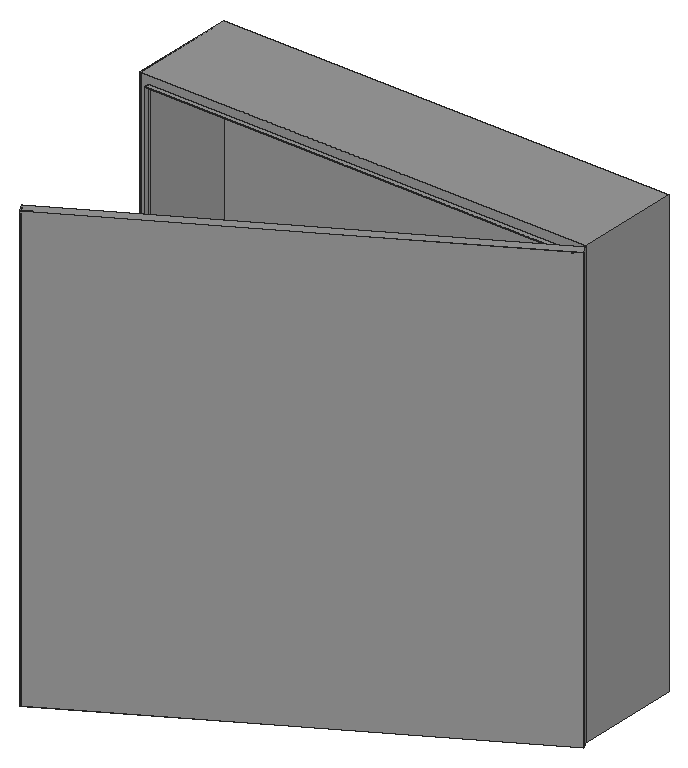
Revit family "Hager-Univers-IP44-D205-H800-Cl.II-Encl-NoHosted-BE-fr", category Electrical Equipment, Revit 2020
Family settings
  Panel Configuration = Two Columns, Circuits Across
  Round Connector Dimension = Use Diameter
  Part Type = Panelboard
  Work Plane-Based = Yes
  Always vertical = Yes
  Cut with Voids When Loaded = No
  Shared = No
  Room Calculation Point = No
Parameters (values of type "saillie IP44 L800 H800 P205  - FP53QS")
  Width Control [instance] = if([EF000008 - largeur] > Min Width, [EF000008 - largeur], Min Width)  # 800 mm
  Type Comments = [HG000003 - Gamme]  # "Univers"
  Thickness Door [instance] = if([EF009171 - épaisseur de matériau de la porte/du couvercle] > 3 mm, 3 mm, [EF009171 - épaisseur de matériau de la porte/du couvercle])  # 1 mm
  Seal Frame Offset [instance] = 17 mm  # constant formula
  Plinth Visibility [instance] = [HG000027 - Hauteur du socle] > 0 mm  # no
  Min Width [instance] = 100 mm  # constant formula
  Min Depth [instance] = (2 * [EF009170 - épaisseur de matériau du boîtier]) + 1 mm  # 3 mm
  Min Height [instance] = 100 mm  # constant formula
  Internal Frame Depth [instance] = (Door System Depth * 0.5)  # 9 mm
  Panel Name [instance] = ""  # (empty or 0)
  Model = ""
  HG000027 - Hauteur du socle = 0 mm
  HG000026 - Installation au sol = no
  HG000024 - Hauteur de la section basse = 600 mm
  HG000023 - Armoire double section = no
  HG000016 - Visibilité de la porte 3D [instance] = yes
  HG000015 - Visibilité de l'emprise de la porte [instance] = no
  HG000014 - Porte à droite [instance] = yes
  HG000013 - Porte à gauche [instance] = not([HG000014 - Porte à droite])  # no
  HG000012 - Angle de pivotement de la porte [instance] = 30.00°
  HG000010 - Portes asymétriques = no
  HG000009 - Porte à double battant = no
  HG000006 - Encastré = no
  HG000004 - Référence fabricant = "FP53QS"
  HG000003 - Gamme = "Univers"
  HG000002 - avec porte = yes
  Frame Offset Bottom [instance] = 10 mm  # constant formula
  Frame Offset [instance] = 15 mm  # constant formula
  EF015940 - couvercle avec décharge de pression = no
  EF011959 - degré de protection (NEMA) = ""
  EF009554 - nombre d'ouvertures pour plaques à bride = 6
  EF009212 - finition du couvercle = "EV000116 - fermé"
  EF009171 - épaisseur de matériau de la porte/du couvercle = 1 mm
  EF009170 - épaisseur de matériau du boîtier = 1 mm
  EF008873 - courant nominal (In) = 250 A
  EF007800 - adapté à un parafoudre = no
  EF006306 - avec serrure = no
  EF006244 - couvercle/porte transparent(e) = no
  EF005474 - indice de protection (IP) = "EV006418 - IP44"
  EF004464 - type de porte = "EV002646 - unique"
  EF004427 - nombre de modules = 180
  EF004293 - indice de protection contre les chocs (IK) = "EV006815 - IK09"
  EF003532 - convient pour utilisation à l’extérieur = no
  EF002950 - largeur en nombre de modules = 36
  EF001613 - maintien de fonction = "EV000494 - sans"
  EF001596 - matériau du boîtier/corps = "EV000179 - acier"
  EF001131 - profondeur intérieure = 143 mm
  EF001088 - possibilité de montage en saillie = yes
  EF000437 - nombre d'entrées de conduit = 6
  EF000339 - type de capot = "EV001012 - couvercle"
  EF000266 - nombre de rangées = 5
  EF000218 - profondeur d'encastrement = 0 mm
  EF000118 - avec cadre/support de montage = no
  EF000116 - numéro RAL = "9010"
  EF000049 - profondeur = 205 mm
  EF000040 - hauteur = 800 mm
  EF000008 - largeur = 800 mm
  EF000007 - couleur = "EV000202 - blanc"
  EF000003 - mode de pose = "EV000384 - saillie"
  Door System Leaf Tolerance [instance] = 1.5 mm  # constant formula
  Door System Depth [instance] = 18 mm  # constant formula
  Door Height [instance] = Height Control - [HG000027 - Hauteur du socle]  # 800 mm
  Description = ""
  Default Elevation = 1219.2 mm
  Connector Offset [instance] = Height Control / 2  # 400 mm
  Manufacturer = "Hager"  # constant formula
  Height Control [instance] = if([EF000040 - hauteur] > Min Height, [EF000040 - hauteur], Min Height)  # 800 mm
  Depth Control [instance] = if([EF000049 - profondeur] > Min Depth, [EF000049 - profondeur], Min Depth)  # 205 mm
  Bottom Top Plate Trim [instance] = 1.5 mm  # constant formula
  Plinth height Ctrl [instance] = if([HG000027 - Hauteur du socle] > 0 mm, [HG000027 - Hauteur du socle], 12 mm)  # 12 mm
Types (5, lengths in mm): name | Width Control | HG000009 - Porte à double battant | HG000004 - Référence fabricant | EF009554 - nombre d'ouvertures pour plaques à bride | EF004464 - type de porte | EF004427 - nombre de modules | EF002950 - largeur en nombre de modules | EF000437 - nombre d'entrées de conduit | EF000008 - largeur
  saillie IP44 L1050 H800 P205  - FP54QS | 1050 | no | "FP54QS" | 8 | "EV003602 - double" | 240 | 48 | 8 | 1050
  saillie IP44 L1300 H800 P205  - FP55QS | 1300 | yes | "FP55QS" | 10 | "EV003602 - double" | 300 | 60 | 10 | 1300
  saillie IP44 L300 H800 P205  - FP51QS | 300 | no | "FP51QS" | 2 | "EV002646 - unique" | 60 | 12 | 2 | 300
  saillie IP44 L550 H800 P205  - FP52QS | 550 | no | "FP52QS" | 4 | "EV002646 - unique" | 120 | 24 | 4 | 550
  saillie IP44 L800 H800 P205  - FP53QS | 800 | no | "FP53QS" | 6 | "EV002646 - unique" | 180 | 36 | 6 | 800
Reference planes
  plane 1 "Center (Front/Back)": y = 0
  plane 2: z = 0
  plane 3 "Center (Left/Right)": x = 0
  plane 4: y = 0
  plane 5: y = 0
  plane 6: z = 0
  plane 7: x = -400
  plane 8: x = 400
  plane 9: x = 399
  plane 10: x = -399
  plane 11: z = 0
  plane 12: z = 1
  plane 13: y = -205
  plane 14: y = -1
  plane 15: x = 0
  plane 16: y = -187
  plane 17: y = -204
  plane 18: y = -186
  plane 19: x = -384
  plane 20: x = 384
  plane 21: z = 11
  plane 22: x = -383
  plane 23: x = 383
  plane 24: z = 0
  plane 25: z = 800
  plane 26: z = 800
  plane 27: z = 784
  plane 28: z = 799
Forms (mm)
  Extrusion 1, solid, material "Hager_Steel_RAL7035_Light_Grey", detail levels medium+fine
    sketch origin (-208.679, -4572, 0) x (-1, 0, 0) y (0, -1, 0)
      loop
        line (191.321, -4385) -> (-608.679, -4385) -> (-608.679, -4572) -> (191.321, -4572) -> (191.321, -4385)
    from 0 to 800
  Extrusion 2, void
    sketch origin (-350.771, -205, 1219.2) x (1, 0, 0) y (0, 0, 1)
      loop
        line (-48.229, -420.2) -> (-48.229, -1218.2) -> (749.771, -1218.2) -> (749.771, -420.2) -> (-48.229, -420.2)
    from -19 to -204
  Extrusion 3, void
    sketch origin (-290.084, -187, 1219.2) x (1, 0, 0) y (0, 0, 1)
      loop
        line (-93.916, -1208.2) -> (674.084, -1208.2) -> (674.084, -435.2) -> (-93.916, -435.2) -> (-93.916, -1208.2)
    from 0 to -1
  Extrusion 4, solid, material "Hager_Steel_RAL7035_Light_Grey", visible <- "Plinth Visibility", detail levels medium+fine
    sketch origin (0, 0, 0) x (1, 0, 0) y (0, 1, 0)
      loop
        line (-400, 0) -> (-400, -187) -> (400, -187) -> (400, 0) -> (-400, 0)
    from 0 to 12 <- "Plinth height Ctrl"
  Extrusion 5, solid, material "Hager_Steel_RAL7035_Light_Grey", detail levels coarse
    sketch origin (0, 0, 0) x (1, 0, 0) y (0, 1, 0)
      loop
        line (-400, 0) -> (-400, -205) -> (400, -205) -> (400, 0) -> (-400, 0)
    from 0 to 800 <- "Height Control"
  Sweep 6, void
    path in 3D
      loop
        line (-400, -187, 12) -> (400, -187, 12) -> (400, 0, 12) -> (-400, 0, 12) -> (-400, -187, 12)
    profile origin (-400, -93.5, 12) x (1, 0, 0) y (0, 0, 1)
      loop
        line (0, 0) -> (0, -1.5) -> (1.5, -1.5)
        arc (1.5, -1.5) -> (1.061, -0.439) -> (0, 0) r 1.5
  Extrusion 7, solid, material "Hager_Steel_RAL7035_Light_Grey", detail levels fine
    sketch origin (-400, -187, 0) x (1, 0, 0) y (0, 0, 1)
      loop
        line (16, 11) -> (784, 11) -> (784, 784) -> (16, 784) -> (16, 11)
      loop
        line (15, 10) -> (785, 10) -> (785, 785) -> (15, 785) -> (15, 10)
    from 0 to 9 <- "Internal Frame Depth"
Cuts and joins
  Extrusion 2, Extrusion 3 cuts Extrusion 1
  Sweep 6 cuts Extrusion 4
Lines and regions (mm)
  Masking region 1
    outline origin (0, 0, 0) x (1, 0, 0) y (0, 1, 0)
      loop
        line (-400, 0) -> (-400, -205) -> (400, -205) -> (400, 0) -> (-400, 0)
  Masking region 2, detail levels coarse
    outline origin (-290.084, -187, 1219.2) x (-1, 0, 0) y (0, 0, 1)
      loop
        line (-690.084, -1219.2) -> (109.916, -1219.2) -> (109.916, -419.2) -> (-690.084, -419.2) -> (-690.084, -1219.2)
  Masking region 3, detail levels coarse
    outline origin (0, 0, 0) x (0, 1, 0) y (0, 0, 1)
      loop
        line (0, 0) -> (0, 800) -> (-205, 800) -> (-205, 0) -> (0, 0)
  Masking region 4, visible <- "Plinth Visibility", detail levels medium+fine
    outline origin (0, 0, 0) x (0, 1, 0) y (0, 0, 1)
      loop
        line (-1.5, 12) -> (-185.5, 12)
        arc (-185.5, 12) -> (-185.939, 10.939) -> (-187, 10.5) r 1.5
        line (-187, 10.5) -> (-187, 0) -> (0, 0) -> (0, 10.5)
        arc (0, 10.5) -> (-1.061, 10.939) -> (-1.5, 12) r 1.5
  Masking region 5, detail levels medium+fine
    outline origin (0, 0, 594.038) x (0, 1, 0) y (0, 0, 1)
      loop
        line (0, -594.038) -> (0, 205.962) -> (-187, 205.962) -> (-187, -594.038) -> (0, -594.038)
  Masking region 6, detail levels medium+fine
    outline origin (-359.7, -187, 1211.883) x (-1, 0, 0) y (0, 0, 1)
      loop
        line (-759.7, -1211.883) -> (40.3, -1211.883) -> (40.3, -411.883) -> (-759.7, -411.883) -> (-759.7, -1211.883)
  Masking region 7, visible <- "Plinth Visibility", detail levels medium+fine
    outline origin (-320.334, -187, 1041.368) x (-1, 0, 0) y (0, 0, 1)
      loop
        line (-720.334, -1041.368) -> (79.666, -1041.368) -> (79.666, -1030.868)
        arc (79.666, -1030.868) -> (78.606, -1030.429) -> (78.166, -1029.368) r 1.5
        line (78.166, -1029.368) -> (-718.834, -1029.368)
        arc (-718.834, -1029.368) -> (-719.273, -1030.429) -> (-720.334, -1030.868) r 1.5
        line (-720.334, -1030.868) -> (-720.334, -1041.368)
  sketch lines
    curve 1: line (-400, 0, 12) -> (-400, -187, 12)
    curve 2: line (-400, -187, 12) -> (400, -187, 12)
    curve 3: line (400, 0, 12) -> (-400, 0, 12)
    curve 4: line (400, -187, 12) -> (400, 0, 12)
Dimensions and locks
  locked: plane 1 "Center (Front/Back)" to plane 5
  "EF009170 - épaisseur de matériau du boîtier": plane 7 to plane 10
  "EF009170 - épaisseur de matériau du boîtier": plane 8 to plane 9
  equal spacing: plane 7, plane 3 "Center (Left/Right)", plane 8
  "Width Control": plane 7 to plane 8
  "Depth Control": plane 4 to plane 13
  "EF009170 - épaisseur de matériau du boîtier": plane 4 to plane 14
  "Height Control": plane 25 to level
  "HG000027 - Hauteur du socle": plane 11 to level
  "EF009170 - épaisseur de matériau du boîtier": plane 12 to plane 11
  "EF009170 - épaisseur de matériau du boîtier": plane 17 to plane 13
  "EF009170 - épaisseur de matériau du boîtier": plane 18 to plane 16
  "Frame Offset Bottom": plane 21 to plane 12
  "Frame Offset": plane 10 to plane 19
  "Frame Offset": plane 9 to plane 20
  "Door System Depth": plane 16 to plane 13
  "Seal Frame Offset": plane 7 to plane 22
  "Seal Frame Offset": plane 8 to plane 23
  "EF009170 - épaisseur de matériau du boîtier": plane 26 to plane 28
  "Frame Offset": plane 28 to plane 27
  "Connector Offset": plane 2 to connector elem
  "Bottom Top Plate Trim": profile plane to Sweep 6 sketch curve
  "Bottom Top Plate Trim": Sweep 6 sketch curve to Sweep 6 sketch curve
  "Plinth height Ctrl": Masking region 4 sketch curve to level
  "Plinth height Ctrl": Masking region 7 sketch curve to level
  "Thickness Door": Extrusion 7 sketch curve to Extrusion 7 sketch curve  (x4)
  "Bottom Top Plate Trim": radius of Sweep 6 sketch curve
  "Bottom Top Plate Trim": radius of Masking region 4 sketch curve  (x2)
  "Bottom Top Plate Trim": radius of Masking region 7 sketch curve  (x2)
  aligned and locked: Extrusion 2 sketch curve to plane 12
  aligned and locked: Extrusion 2 sketch curve to plane 9
  aligned and locked: Extrusion 2 sketch curve to plane 10
  aligned and locked: Extrusion 2 to plane 14
  aligned and locked: Extrusion 1 sketch curve to plane 4
  aligned and locked: plane 8 to Extrusion 1 sketch curve
  aligned and locked: plane 7 to Extrusion 1 sketch curve
  aligned and locked: Extrusion 2 to plane 18
  aligned and locked: Extrusion 3 sketch curve to plane 19
  aligned and locked: plane 20 to Extrusion 3 sketch curve
  aligned and locked: Extrusion 3 to Extrusion 2
  aligned and locked: Extrusion 3 sketch curve to plane 21
  aligned and locked: plane 3 "Center (Left/Right)" to nested 1
  aligned and locked: Extrusion 1 sketch curve to plane 16
  aligned and locked: Extrusion 4 sketch curve to cut or joined group of Extrusion 1, Extrusion 2, Extrusion 3
  aligned and locked: Masking region 1 sketch curve to plane 7
  aligned and locked: Masking region 1 sketch curve to plane 5
  aligned and locked: Masking region 1 sketch curve to plane 8
  aligned and locked: Masking region 2 sketch curve to level
  aligned and locked: level to Masking region 3 sketch curve
  aligned and locked: plane 1 "Center (Front/Back)" to Masking region 3 sketch curve
  aligned and locked: plane 13 to Masking region 3 sketch curve
  aligned and locked: plane 5 to Masking region 4 sketch curve
  aligned and locked: Masking region 2 sketch curve to plane 8
  aligned and locked: Masking region 2 sketch curve to plane 7
  aligned and locked: plane 7 to nested 2
  aligned and locked: nested 2 to plane 5
  aligned and locked: plane 5 to Masking region 5 sketch curve
  aligned and locked: plane 26 to Masking region 5 sketch curve
  aligned and locked: Extrusion 5 sketch curve to plane 8
  aligned and locked: Extrusion 5 sketch curve to plane 7
  aligned and locked: Extrusion 5 sketch curve to plane 5
  aligned and locked: Extrusion 3 sketch curve to plane 27
  aligned and locked: Extrusion 2 sketch curve to plane 28
  aligned and locked: Masking region 2 to plane 25
  aligned and locked: Extrusion 4 to plane 16
  aligned and locked: profile plane to Sweep 6 sketch curve
  aligned and locked: Masking region 5 sketch curve to plane 24
  aligned and locked: level to Masking region 4 sketch curve
  aligned and locked: Masking region 1 to plane 13
  aligned and locked: nested 1 to plane 16
  aligned and locked: Masking region 3 to plane 25
  aligned and locked: plane 16 to Masking region 4 sketch curve
  aligned and locked: Masking region 5 sketch curve to plane 16
  aligned and locked: plane 24 to plane 11
  aligned and locked: plane 26 to plane 25
  aligned and locked: plane 26 to cut or joined group of Extrusion 1, Extrusion 2, Extrusion 3
  aligned and locked: nested 1 to plane 24
  aligned and locked: Extrusion 1 to Extrusion 3
  aligned and locked: Masking region 6 sketch curve to plane 8
  aligned and locked: Masking region 6 sketch curve to plane 24
  aligned and locked: Masking region 6 sketch curve to plane 7
  aligned and locked: Masking region 6 sketch curve to plane 26
  aligned and locked: Masking region 7 sketch curve to plane 7
  aligned and locked: level to Masking region 7 sketch curve
  aligned and locked: Masking region 7 sketch curve to plane 8
  aligned and locked: Extrusion 7 sketch curve to cut or joined group of Extrusion 1, Extrusion 2, Extrusion 3  (x4)
Automatic sketch dimensions
  plane 19 to Extrusion 3 sketch curve = 0 mm
  Extrusion 3 sketch curve to plane 20 = 0 mm
  Extrusion 3 sketch curve to plane 21 = 0 mm
  Extrusion 4 sketch curve to plane 7 = 0 mm
  Extrusion 4 sketch curve to plane 8 = 0 mm
  Extrusion 4 sketch curve to plane 16 = 0 mm
  Masking region 1 sketch curve to plane 13 = 0 mm
  Masking region 2 sketch curve to plane 25 = 0 mm
  Masking region 3 sketch curve to plane 25 = 0 mm
  Extrusion 5 sketch curve to plane 13 = 0 mm
  profile plane to Sweep 6 sketch curve = 0 mm
Nested families
  nested 1: "EC000058_Univers_Door" at (0, -187, 0), Double <- "HG000009 - Porte à double battant", Transparent <- "EF006244 - couvercle/porte transparent(e)", Angle <- "HG000012 - Angle de pivotement de la porte", Door_Right <- "HG000014 - Porte à droite", Assymetrical <- "HG000010 - Portes asymétriques", Door <- "HG000002 - avec porte", Width_Ctrl <- "Width Control", 3d_Door <- "HG000016 - Visibilité de la porte 3D", Clearance <- "HG000015 - Visibilité de l'emprise de la porte", Door_Left <- "HG000013 - Porte à gauche", Width <- "Width Control", Door_Depth <- "Door System Depth", Leaf_Tolerance <- "Door System Leaf Tolerance", Height <- "Door Height", Lock_Visibility <- "EF006306 - avec serrure", Thickness <- "Thickness Door", type "EC000058_Univers_Door", detail levels medium+fine
    with min_wh 3 mm, Width_Ctrl 800 mm, Width 800 mm, Transparent no, Thickness 1 mm, Seal_Material Hager_Rubber, Lock_Visibility no, Lock_Material Hager_Plastic_RAL9005_Jet_Black, Leaf_Width 800 mm, Leaf_Tolerance_External_Sides 0 mm, Leaf_Tolerance 1.5 mm, Leaf_Offset 0 mm, Leaf_Height 797 mm, Leaf_2_Width 800 mm, Leaf_2_Offset 400 mm, Leaf_1_Width 800 mm, Leaf_1_Offset 400 mm, Height_Ctrl 800 mm, Height 800 mm, Glass_Material Hager_Glass, Double_Clearance_Ctrl no, Double no, Door_Right_Ctrl yes, Door_Right yes, Door_Material Hager_Steel_RAL7035_Light_Grey, Door_Left_Ctrl no, Door_Left no, Door_Depth 18 mm, Door yes, Clearance_Material Hager_Clearance, Clearance_Depth 800 mm, Clearance_Ctrl no, Clearance no, Assymetrical no, Angle 30.00°, 3d_Door yes
  nested 2: "Hager_Enclosure_Symbol" at (-400, 0, 0), Height <- "Depth Control", Width <- "Width Control", type "Hager_Enclosure_Symbol"
    with Width_Ctrl 800 mm, Width 800 mm, Height_Ctrl 205 mm, Height 205 mm, A_Width_Int 13.453 mm, A_Width 161.438 mm, A_Height_Ctrl 179.375 mm, A_Height 179.375 mm
Connectors
  electrical at (0, 0, 400)
    settings: on plane 1 "Center (Front/Back)", index 1, voltage 0 V, apparent load 0 VA, apparent load phase1 0 VA, apparent load phase2 0 VA, apparent load phase3 0 VA, power factor 1, load classification "Other", number of poles 1, system type 30, power factor state 1, is connector primary yes, connector utility no, sub classification motor no, connector description ""
Definition of nested family "EC000058_Univers_Door"
  Parameters (values of type "EC000058_Univers_Door")
    min_wh [instance] = (2 * Thickness) + 1 mm  # 11 mm
    Width_Ctrl [instance] = 400 mm
    Width [instance] = 500 mm
    Transparent [instance] = yes
    Thickness [instance] = 5 mm
    Seal_Material [instance] = none
    Lock_Visibility [instance] = yes
    Lock_Material [instance] = none
    Leaf_Width [instance] = if((Width_Ctrl - 2 * Leaf_Tolerance_External_Sides) > 0 mm, (Width_Ctrl - 2 * Leaf_Tolerance_External_Sides), min_wh)  # 400 mm
    Leaf_Tolerance_External_Sides [instance] = 0 mm  # constant formula
    Leaf_Tolerance [instance] = 1.5 mm
    Leaf_Offset [instance] = 0 mm  # constant formula
    Leaf_Height [instance] = if((Height_Ctrl - 2 * Leaf_Tolerance) > 0 mm, (Height_Ctrl - 2 * Leaf_Tolerance), min_wh)  # 497 mm
    Leaf_2_Width [instance] = if(and(and(Double, Assymetrical), Door_Left), (Leaf_Width / 3) - (Leaf_Tolerance / 2), if(and(and(Double, Assymetrical), Door_Right), (Leaf_Width / 3) * 2 - (Leaf_Tolerance / 2), if(and(Double, not(Assymetrical)), (Leaf_Width / 2) - Leaf_Tolerance, Leaf_Width)))  # 400 mm
    Leaf_2_Offset [instance] = if(and(Double, Assymetrical), Leaf_2_Width / 2, if(and(Double, not(Assymetrical)), Leaf_Width / 4, Leaf_Width / 2))  # 200 mm
    Leaf_1_Width [instance] = if(and(and(Double, Assymetrical), Door_Right), (Leaf_Width / 3) - (Leaf_Tolerance / 2), if(and(and(Double, Assymetrical), Door_Left), (Width / 3) * 2 - (Leaf_Tolerance / 2), if(and(Double, not(Assymetrical)), (Leaf_Width / 2) - Leaf_Tolerance, Leaf_Width)))  # 400 mm
    Leaf_1_Offset [instance] = if(and(Double, Assymetrical), Leaf_1_Width / 2, if(and(Double, not(Assymetrical)), Leaf_Width / 4, Leaf_Width / 2))  # 200 mm
    Height_Ctrl [instance] = if(Height > min_wh, Height, min_wh)  # 500 mm
    Height [instance] = 500 mm
    Glass_Material [instance] = none
    Double_Clearance_Ctrl [instance] = and(Double, Clearance)  # no
    Double [instance] = no
    Door_Right_Ctrl [instance] = and(or(Door_Right, Double), Door)  # yes
    Door_Right [instance] = yes
    Door_Material [instance] = none
    Door_Left_Ctrl [instance] = and(or(Door_Left, Double), Door)  # no
    Door_Left [instance] = no
    Door_Depth [instance] = 30 mm
    Door [instance] = yes
    Default Elevation = 1219.2 mm
    Clearance_Material [instance] = none
    Clearance_Depth [instance] = if(Leaf_1_Width > Leaf_2_Width, Leaf_1_Width, Leaf_2_Width)  # 400 mm
    Clearance_Ctrl [instance] = and(not(Double), Clearance)  # yes
    Clearance [instance] = yes
    Assymetrical [instance] = yes
    Angle [instance] = 30.00°
    3d_Door [instance] = yes
  Reference planes
    plane 1 "Center (Front/Back)": y = 0
    plane 2 "Bottom": z = 0
    plane 3 "Center (Left/Right)": x = 0
    plane 4: z = 500
    plane 5: x = -200
    plane 6: x = 200
    plane 7: z = 500
    plane 8: x = -200
    plane 9: z = 0
    plane 10: x = 200
    plane 11: y = 0
    plane 12: z = 1.5
    plane 13: x = -600
    plane 14: y = -400
    plane 15: x = 600
    plane 16: x = 0
    plane 17: x = 0
    plane 18: x = -200
    plane 19: x = 200
    plane 20: z = 498.5
  Forms (mm)
    Extrusion 1, solid, material <- "Clearance_Material", visible <- "Double_Clearance_Ctrl"
      sketch origin (1200, 0, 0) x (1, 0, 0) y (0, 0, -1)
        loop
          line (-1800, -498.5) -> (-600, -498.5) -> (-600, 0) -> (-1800, 0) -> (-1800, -498.5)
      from 0 to -400
  Dimensions and locks
    equal spacing: plane 5, plane 3 "Center (Left/Right)", plane 6
    "Width_Ctrl": plane 5 to plane 6
    "Leaf_Offset": plane 5 to plane 8
    "Leaf_Offset": plane 6 to plane 10
    "Leaf_Offset": plane 9 to level
    "Leaf_Offset": plane 4 to plane 7
    "Height_Ctrl": plane 4 to level
    "Leaf_Tolerance": plane 12 to plane 9
    locked: plane 11 to plane 1 "Center (Front/Back)"
    "Leaf_1_Offset": plane 18 to plane 16
    "Leaf_2_Offset": plane 17 to plane 19
    "Leaf_1_Width": plane 13 to plane 8
    "Leaf_2_Width": plane 10 to plane 15
    "Clearance_Depth": plane 14 to plane 1 "Center (Front/Back)"
    "Leaf_Tolerance_External_Sides": plane 8 to plane 18
    "Leaf_Tolerance_External_Sides": plane 19 to plane 10
    "Leaf_Tolerance": plane 7 to plane 20
    aligned and locked: level to plane 2 "Bottom"
    aligned and locked: nested 1 to plane 16
    aligned and locked: nested 2 to plane 17
    aligned and locked: Extrusion 1 to plane 13
    aligned and locked: plane 15 to Extrusion 1
    aligned and locked: Extrusion 1 to plane 14
    aligned and locked: plane 12 to nested 1
    aligned and locked: nested 2 to plane 12
    aligned and locked: Extrusion 1 to plane 11
    aligned and locked: plane 20 to Extrusion 1
    aligned and locked: nested 2 to plane 11
    aligned and locked: nested 1 to plane 11
  Automatic sketch dimensions
    Extrusion 1 sketch curve to level = 0 mm
    plane 5 to Extrusion 1 sketch curve = 400 mm
    plane 6 to Extrusion 1 sketch curve = 400 mm
    Extrusion 1 sketch curve to plane 4 = 1.5 mm
  Nested families
    nested 1: "EC000058_Univers_Door_Leaf" at (0, 0, 1.5), Width <- "Leaf_1_Width", visible <- "Door_Left_Ctrl", Leaf_Height <- "Leaf_Height", Angle <- "Angle", 3d_Door <- "3d_Door", Transparent <- "Transparent", Clearance Material <- "Clearance_Material", Clearance <- "Clearance_Ctrl", Door_Material <- "Door_Material", Glass_Material <- "Glass_Material", Door_Depth <- "Door_Depth", Lock_Material <- "Lock_Material", Seal_Material <- "Seal_Material", Lock_Visibility <- "Lock_Visibility", Thickness <- "Thickness", type "EC000058_Univers_Door_Leaf"
      with Width 400 mm, Transparent_Glass_Offset 30 mm, Transparent_Ctrl yes, Transparent yes, Thickness 5 mm, Standard no, Seal_Material none, Seal_D2 8 mm, Seal_D1 1 mm, Offset_Internal_Frame 10 mm, Lock_Width 20 mm, Lock_Visibility_3d yes, Lock_Visibility yes, Lock_Thickness_3 3 mm, Lock_Thickness_2 1 mm, Lock_Thickness_1 3 mm, Lock_Radius_Offset_2 16 mm, Lock_Radius_Offset_1 15 mm, Lock_Radius_2 5 mm, Lock_Radius 6 mm, Lock_Offset 5 mm, Lock_Material none, Lock_Height 80 mm, Lock_Cover_Top_Offset_2d 17 mm, Lock_Cover_Height -65 mm, Leaf_Height 497 mm, Internal_Seal_Thickness 8 mm, Internal_Seal_Depth_2 4.5 mm, Internal_Frame_Depth 25 mm, Glass_Thickness -1 mm, Glass_Offset -2 mm, Glass_Material none, Door_Material none, Door_Depth 30 mm, Clearance Material none, Clearance yes, Angle_Ctrl 30.00°, Angle 30.00°, 3d_Door yes
    nested 2: "EC000058_Univers_Door_Leaf" at (0, 0, 1.5) x (-1, 0, 0) z (0, 0, 1), Width <- "Leaf_2_Width", visible <- "Door_Right_Ctrl", Leaf_Height <- "Leaf_Height", Angle <- "Angle", 3d_Door <- "3d_Door", Transparent <- "Transparent", Clearance Material <- "Clearance_Material", Clearance <- "Clearance_Ctrl", Door_Material <- "Door_Material", Glass_Material <- "Glass_Material", Door_Depth <- "Door_Depth", Lock_Material <- "Lock_Material", Seal_Material <- "Seal_Material", Lock_Visibility <- "Lock_Visibility", Thickness <- "Thickness", type "EC000058_Univers_Door_Leaf"
      with Width 400 mm, Transparent_Glass_Offset 30 mm, Transparent_Ctrl yes, Transparent yes, Thickness 5 mm, Standard no, Seal_Material none, Seal_D2 8 mm, Seal_D1 1 mm, Offset_Internal_Frame 10 mm, Lock_Width 20 mm, Lock_Visibility_3d yes, Lock_Visibility yes, Lock_Thickness_3 3 mm, Lock_Thickness_2 1 mm, Lock_Thickness_1 3 mm, Lock_Radius_Offset_2 16 mm, Lock_Radius_Offset_1 15 mm, Lock_Radius_2 5 mm, Lock_Radius 6 mm, Lock_Offset 5 mm, Lock_Material none, Lock_Height 80 mm, Lock_Cover_Top_Offset_2d 17 mm, Lock_Cover_Height -65 mm, Leaf_Height 497 mm, Internal_Seal_Thickness 8 mm, Internal_Seal_Depth_2 4.5 mm, Internal_Frame_Depth 25 mm, Glass_Thickness -1 mm, Glass_Offset -2 mm, Glass_Material none, Door_Material none, Door_Depth 30 mm, Clearance Material none, Clearance yes, Angle_Ctrl 30.00°, Angle 30.00°, 3d_Door yes
  Definition of nested family "EC000058_Univers_Door_Leaf"
    Parameters (values of type "EC000058_Univers_Door_Leaf")
      Width [instance] = 2000 mm
      Transparent_Glass_Offset [instance] = 30 mm
      Transparent_Ctrl [instance] = and(Transparent, [3d_Door])  # yes
      Transparent [instance] = yes
      Thickness [instance] = 5 mm
      Standard [instance] = and(not(Transparent), [3d_Door])  # no
      Seal_Material [instance] = none
      Seal_D2 [instance] = 8 mm  # constant formula
      Seal_D1 [instance] = 1 mm  # constant formula
      Offset_Internal_Frame [instance] = 10 mm  # constant formula
      Lock_Width [instance] = 20 mm  # constant formula
      Lock_Visibility_3d [instance] = and(Lock_Visibility, [3d_Door])  # yes
      Lock_Visibility [instance] = yes
      Lock_Thickness_3 [instance] = 3 mm  # constant formula
      Lock_Thickness_2 [instance] = 1 mm  # constant formula
      Lock_Thickness_1 [instance] = 3 mm  # constant formula
      Lock_Radius_Offset_2 [instance] = Lock_Radius_Offset_1 + 1 mm  # 16 mm
      Lock_Radius_Offset_1 [instance] = 15 mm  # constant formula
      Lock_Radius_2 [instance] = Lock_Radius - 1 mm  # 5 mm
      Lock_Radius [instance] = 6 mm  # constant formula
      Lock_Offset [instance] = 5 mm  # constant formula
      Lock_Material [instance] = none
      Lock_Height [instance] = 80 mm  # constant formula
      Lock_Cover_Top_Offset_2d [instance] = Lock_Radius_Offset_2 + 1 mm  # 17 mm
      Lock_Cover_Height [instance] = -(Lock_Height - Lock_Radius_Offset_1)  # -65 mm
      Leaf_Height [instance] = 2720.336 mm
      Internal_Seal_Thickness [instance] = 8 mm  # constant formula
      Internal_Seal_Depth_2 [instance] = 4.5 mm  # constant formula
      Internal_Frame_Depth [instance] = if(Door_Depth - Thickness > 5 mm, Door_Depth - Thickness, 5 mm)  # 25 mm
      Glass_Thickness [instance] = if(Thickness > 15 mm, Glass_Offset + 10 mm, -1 mm)  # -1 mm
      Glass_Offset [instance] = if(Thickness > 15 mm, -(Thickness + 10 mm) / 2, -2 mm)  # -2 mm
      Glass_Material [instance] = none
      Door_Material [instance] = none
      Door_Depth [instance] = 30 mm
      Default Elevation = 0 mm
      Clearance Material [instance] = none
      Clearance [instance] = yes
      Angle_Ctrl [instance] = if(Angle > 180.00°, 180.00°, Angle)  # 90.00°
      Angle [instance] = 90.00°
      3d_Door [instance] = yes
    Reference planes
      plane 1 "Center (Front/Back)": y = 0
      plane 2: z = 0
      plane 3 "Center (Left/Right)": x = 0
      plane 4: y = 2000
      plane 5: x = -1000
      plane 6: x = 1000
      plane 7: x = -3000
      plane 8: z = 2720.336
      plane 9: z = 30
      plane 10: z = 2690.336
      plane 11: x = 970
      plane 12: x = -970
      plane 13: y = -3
      plane 14: z = 107.833
      plane 15: y = -5
      plane 16: y = -223.314
      plane 17: x = -1000
      plane 18: z = 1360.168
      plane 19: y = 30
    Forms (mm)
      Extrusion 1, solid, material <- "Clearance Material", visible <- "Clearance"
        sketch origin (0, 0, 0) x (1, 0, 0) y (0, 0, 1)
          loop
            line (-3000, 2720.336) -> (-3000, 0) -> (1000, 0) -> (1000, 2720.336) -> (-3000, 2720.336)
        from 0 to -2000
      Extrusion 2, solid, material <- "Door_Material", visible <- "Standard", detail levels medium+fine
        sketch origin (-1000, 0, 0) x (0, 1, 0) y (-1, 0, 0)
          loop
            line (0, 30) -> (0, 25) -> (2000, 25) -> (2000, 30) -> (0, 30)
        from 0 to 2720.336 <- "Leaf_Height"
      Extrusion 3, solid, material <- "Door_Material", visible <- "Transparent_Ctrl", detail levels medium+fine
        sketch origin (-1000, 0, 0) x (0, 1, 0) y (-1, 0, 0)
          loop
            line (0, 25) -> (2000, 25) -> (2000, 30) -> (0, 30) -> (0, 25)
        from 0 to 2720.336 <- "Leaf_Height"
      Extrusion 4, void
        sketch origin (-1025, 2000, 0) x (0, 1, 0) y (0, 0, -1)
          loop
            line (-30, -2690.336) -> (-30, -30) -> (-1970, -30) -> (-1970, -2690.336) -> (-30, -2690.336)
        from 0 to 5 <- "Thickness"
      Sweep 5, solid, material <- "Seal_Material", visible <- "Transparent_Ctrl", detail levels fine
        path in 3D
          loop
            line (-1025, 30, 30) -> (-1025, 30, 2690.336) -> (-1025, 1970, 2690.336) -> (-1025, 1970, 30) -> (-1025, 30, 30)
        profile origin (-1025, 1000, 30) x (1, 0, 0) y (0, 0, 1)
          loop
            line (0, 0) -> (0, -8) -> (1, -8) -> (1, 0) -> (0, 0)
      Extrusion 6, solid, material <- "Glass_Material", visible <- "Transparent_Ctrl", detail levels medium+fine
        sketch origin (-1030, 0, 0) x (0, 1, 0) y (0, 0, -1)
          loop
            line (1970, -2690.336) -> (1970, -30) -> (30, -30) -> (30, -2690.336) -> (1970, -2690.336)
        from -2 <- "Glass_Offset" to -1 <- "Glass_Thickness"
      Extrusion 7, solid, material <- "Door_Material", visible <- "3d_Door", detail levels medium+fine
        sketch origin (-1025, 2000, 0) x (0, -1, 0) y (0, 0, -1)
          loop
            line (0, -2720.336) -> (2000, -2720.336) -> (2000, 0) -> (0, 0) -> (0, -2720.336)
          loop
            line (1995, -5) -> (5, -5) -> (5, -2715.336) -> (1995, -2715.336) -> (1995, -5)
        from 0 to 25 <- "Internal_Frame_Depth"
      Sweep 8, solid, material <- "Seal_Material", visible <- "Transparent_Ctrl", detail levels fine
        path in 3D
          loop
            line (-1025, 0, 0) -> (-1025, 2000, 0) -> (-1025, 2000, 2720.336) -> (-1025, 0, 2720.336) -> (-1025, 0, 0)
        profile origin (-1025, 0, 1360.168) x (1, 0, 0) y (0, 1, 0)
          loop
            line (0, 10) -> (2.975, 10)
            arc (2.975, 10) -> (4.053, 10.447) -> (4.5, 11.525) r 1.525
            line (4.5, 11.525) -> (4.5, 16.527)
            arc (4.5, 16.527) -> (4.069, 17.569) -> (3.027, 18) r 1.473
            line (3.027, 18) -> (0, 18) -> (0, 10)
      Extrusion 9, solid, material <- "Lock_Material", visible <- "Lock_Visibility_3d", detail levels fine
        sketch origin (-1030, 0, 0) x (0, 1, 0) y (0, 0, -1)
          loop
            arc (1993.5, -1400.168) -> (1994.561, -1399.729) -> (1995, -1398.668) r 1.5
            line (1995, -1398.668) -> (1995, -1320.168) -> (1975, -1320.168) -> (1975, -1398.668)
            arc (1975, -1398.668) -> (1975.439, -1399.729) -> (1976.5, -1400.168) r 1.5
            line (1976.5, -1400.168) -> (1993.5, -1400.168)
        from 3 <- "Lock_Thickness_1" to 0
      Blend 10, solid, material <- "Lock_Material", visible <- "Lock_Visibility_3d", detail levels fine
        base sketch origin (-1033, 0, 0) x (0, 1, 0) y (0, 0, -1)
          loop
            line (1975, -1320.168) -> (1975, -1398.668)
            arc (1975, -1398.668) -> (1975.439, -1399.729) -> (1976.5, -1400.168) r 1.5
            line (1976.5, -1400.168) -> (1993.5, -1400.168)
            arc (1993.5, -1400.168) -> (1994.561, -1399.729) -> (1995, -1398.668) r 1.5
            line (1995, -1398.668) -> (1995, -1320.168) -> (1975, -1320.168)
        top sketch origin (-1033, 0, 0) x (0, 1, 0) y (0, 0, -1)
          loop
            line (1976, -1320.168) -> (1976, -1398.668)
            arc (1976, -1398.668) -> (1976.146, -1399.022) -> (1976.5, -1399.168) r 0.5
            line (1976.5, -1399.168) -> (1993.5, -1399.168)
            arc (1993.5, -1399.168) -> (1993.854, -1399.022) -> (1994, -1398.668) r 0.5
            line (1994, -1398.668) -> (1994, -1320.168) -> (1976, -1320.168)
        from 0 to 1 <- "Lock_Thickness_2"
      Blend 11, solid, material <- "Lock_Material", visible <- "Lock_Visibility_3d", detail levels fine
        base sketch origin (-1034, 0, 0) x (0, 1, 0) y (0, 0, -1)
          loop
            line (1978, -1320.168) -> (1978, -1384.168)
            arc (1978, -1384.168) -> (1985, -1391.168) -> (1992, -1384.168) r 7
            line (1992, -1384.168) -> (1992, -1320.168) -> (1978, -1320.168)
        top sketch origin (-1034, 0, 0) x (0, 1, 0) y (0, 0, -1)
          loop
            line (1991, -1320.168) -> (1979, -1320.168) -> (1979, -1383.168)
            arc (1979, -1383.168) -> (1985, -1389.168) -> (1991, -1383.168) r 6
            line (1991, -1383.168) -> (1991, -1320.168)
        from 0 to 3 <- "Lock_Thickness_3"
      Extrusion 12, solid, material <- "Lock_Material", visible <- "Lock_Visibility_3d", detail levels fine
        sketch origin (-1030, 1975, 1320.168) x (1, 0, 0) y (0, -1, 0)
          loop
            line (-7, -19) -> (-7, -1) -> (0, -1) -> (0, 0) -> (-8, 0) -> (-8, -20) -> (0, -20) -> (0, -19) -> (-7, -19)
        from 0 to -65 <- "Lock_Cover_Height"
      Extrusion 13, void
        sketch origin (-1038, 1995, 1320.168) x (-1, 0, 0) y (0, 0, -1)
          loop
            line (-5, -65) -> (0, -65) -> (-5, -60) -> (-5, -65)
        from 0 to 20 <- "Lock_Width"
      Extrusion 14, void
        sketch origin (-1038, 1975, 1320.168) x (0, -1, 0) y (0, 0, -1)
          loop
            circle (-10, -15.995) r 6
          loop
            circle (-10, -15.995) r 5
        from 0 to 2
      Extrusion 15, solid, material <- "Lock_Material", visible <- "Lock_Visibility_3d", detail levels medium
        sketch origin (-1030, 0, 0) x (0, 1, 0) y (0, 0, -1)
          loop
            arc (1993.5, -1400.168) -> (1994.561, -1399.729) -> (1995, -1398.668) r 1.5
            line (1995, -1398.668) -> (1995, -1320.168) -> (1975, -1320.168) -> (1975, -1398.668)
            arc (1975, -1398.668) -> (1975.439, -1399.729) -> (1976.5, -1400.168) r 1.5
            line (1976.5, -1400.168) -> (1993.5, -1400.168)
        from 8 to 0
    Cuts and joins
      Extrusion 4 cuts Extrusion 3
      Extrusion 13, Extrusion 14 cuts Extrusion 9
      Extrusion 14 cuts Blend 11
      Extrusion 13, Extrusion 14 cuts Extrusion 12
      joined: Extrusion 9, Blend 10, Blend 11, Extrusion 12
      Extrusion 14 cuts Extrusion 15
    Lines and regions (mm)
      Masking region 1, visible <- "Lock_Visibility", detail levels fine
        outline origin (0, 0, 0) x (0, 1, 0) y (0, 0, 1)
          loop
            line (30, 1320.168) -> (33, 1320.168) -> (33, 1400.168) -> (30, 1400.168) -> (30, 1320.168)
      Masking region 2, visible <- "Lock_Visibility", detail levels fine
        outline origin (0, 3.143, 0) x (0, 1, 0) y (0, 0, 1)
          loop
            line (29.857, 1354.168) -> (30.857, 1354.168) -> (30.857, 1366.168) -> (29.857, 1366.168) -> (29.857, 1354.168)
      Masking region 3, detail levels medium+fine
        outline origin (0, 0, 0) x (0, 1, 0) y (0, 0, 1)
          loop
            line (0, 0) -> (30, 0) -> (30, 2720.336) -> (0, 2720.336) -> (0, 0)
      Masking region 4, detail levels medium+fine
        outline origin (0, 0, 0) x (1, 0, 0) y (0, 0, 1)
          loop
            line (-1000, 2720.336) -> (-1000, 0) -> (1000, 0) -> (1000, 2720.336) -> (-1000, 2720.336)
      Masking region 5, visible <- "Lock_Visibility", detail levels fine
        outline origin (-47.116, 0, 0) x (1, 0, 0) y (0, 0, 1)
          loop
            arc (1024.616, 1399.168) -> (1023.556, 1398.729) -> (1023.116, 1397.668) r 1.5
            line (1023.116, 1397.668) -> (1023.116, 1320.168) -> (1041.116, 1320.168) -> (1041.116, 1397.668)
            arc (1041.116, 1397.668) -> (1040.677, 1398.729) -> (1039.616, 1399.168) r 1.5
            line (1039.616, 1399.168) -> (1024.616, 1399.168)
      Masking region 6, visible <- "Lock_Visibility", detail levels medium+fine
        outline origin (-25, 0, 0) x (1, 0, 0) y (0, 0, 1)
          loop
            arc (1001.5, 1400.168) -> (1000.439, 1399.729) -> (1000, 1398.668) r 1.5
            line (1000, 1398.668) -> (1000, 1320.168) -> (1020, 1320.168) -> (1020, 1398.668)
            arc (1020, 1398.668) -> (1019.561, 1399.729) -> (1018.5, 1400.168) r 1.5
            line (1018.5, 1400.168) -> (1001.5, 1400.168)
      Masking region 7, visible <- "Lock_Visibility", detail levels fine
        outline origin (-73.735, 0, 0) x (1, 0, 0) y (0, 0, 1)
          loop
            line (1051.735, 1382.168) -> (1065.735, 1382.168) -> (1065.735, 1384.168)
            arc (1065.735, 1384.168) -> (1058.735, 1391.168) -> (1051.735, 1384.168) r 7
            line (1051.735, 1384.168) -> (1051.735, 1382.168)
      Masking region 8, visible <- "Lock_Visibility", detail levels fine
        outline origin (-73.735, 0, 0) x (1, 0, 0) y (0, 0, 1)
          loop
            line (1052.735, 1382.168) -> (1064.735, 1382.168) -> (1064.735, 1383.168)
            arc (1064.735, 1383.168) -> (1058.735, 1389.168) -> (1052.735, 1383.168) r 6
            line (1052.735, 1383.168) -> (1052.735, 1382.168)
      Masking region 9, visible <- "Lock_Visibility", detail levels fine
        outline origin (-25, 0, 0) x (1, 0, 0) y (0, 0, 1)
          loop
            line (1020, 1320.168) -> (1020, 1382.168) -> (1000, 1382.168) -> (1000, 1320.168) -> (1020, 1320.168)
      Masking region 10, detail levels medium+fine
        outline origin (0, 0, 0) x (1, 0, 0) y (0, 0, 1)
          loop
            circle (985, 1335.144) r 6
      Masking region 11, detail levels fine
        outline origin (0, 0, 0) x (1, 0, 0) y (0, 0, 1)
          loop
            circle (985, 1335.144) r 5
      Masking region 12, visible <- "Lock_Visibility", detail levels fine
        outline origin (0, 12.767, 0) x (0, 1, 0) y (0, 0, 1)
          loop
            line (20.233, 1320.168) -> (21.233, 1320.168) -> (21.233, 1399.168) -> (20.233, 1400.168) -> (20.233, 1320.168)
      Masking region 13, visible <- "Lock_Visibility", detail levels fine
        outline origin (0, 13.767, -10) x (0, 1, 0) y (0, 0, 1)
          loop
            line (20.233, 1330.168) -> (23.233, 1330.168) -> (23.233, 1399.168) -> (20.233, 1402.168) -> (20.233, 1330.168)
      Masking region 14, visible <- "Lock_Visibility", detail levels fine
        outline origin (0, 12.767, -10) x (0, 1, 0) y (0, 0, 1)
          loop
            line (20.233, 1330.168) -> (25.233, 1330.168) -> (25.233, 1399.305) -> (20.233, 1394.305) -> (20.233, 1330.168)
      Masking region 15, visible <- "Lock_Visibility", detail levels medium
        outline origin (0, 0, 0) x (0, 1, 0) y (0, 0, 1)
          loop
            line (30, 1320.168) -> (38, 1320.168) -> (38, 1400.168) -> (30, 1400.168) -> (30, 1320.168)
      Masking region 16, visible <- "Lock_Visibility", detail levels fine
        outline origin (-1000, 0, 0) x (0, 1, 0) y (-1, 0, 0)
          loop
            line (1975, 30) -> (1995, 30) -> (1995, 38) -> (1975, 38) -> (1975, 30)
          loop
            line (1979, 37) -> (1976, 37) -> (1976, 34) -> (1978, 34) -> (1979, 37)
          loop
            line (1994, 37) -> (1991, 37) -> (1992, 34) -> (1994, 34) -> (1994, 37)
      Masking region 17, visible <- "Lock_Visibility", detail levels medium
        outline origin (-1000, 0, 0) x (0, 1, 0) y (-1, 0, 0)
          loop
            line (1975, 30) -> (1995, 30) -> (1995, 38) -> (1975, 38) -> (1975, 30)
      symbolic lines
        curve 1: line (1000, 0, 0) -> (-3000, 0, 0)
        curve 2: arc (1000, 0, 0) -> (-1000, 2000, 0) -> (-3000, 0, 0) r 2000
        curve 4: line (-1030, 0, 0) -> (-1030, 2000, 0)
      reference lines
        curve 3: line (-1000, 0, 0) -> (-1000, 2000, 0)
      symbolic lines, detail levels medium+fine
        curve 5: line (-1030, 2000, 0) -> (-1025, 2000, 0)
        curve 7: line (-1025, 0, 0) -> (-1030, 0, 0)
        curve 8: line (-1025, 0, 0) -> (-1000, 0, 0)
        curve 9: line (-1000, 0, 0) -> (-1000, 2000, 0)
        curve 10: line (-1000, 2000, 0) -> (-1025, 2000, 0)
      symbolic lines, detail levels fine
        curve 6: line (-1025, 2000, 0) -> (-1025, 0, 0)
      sketch lines
        curve 11: line (-1025, 0, 2720.336) -> (-1025, 0, 0)
        curve 12: line (-1025, 2000, 0) -> (-1025, 0, 0)
        curve 13: line (-1025, 2000, 2720.336) -> (-1025, 2000, 0)
        curve 14: line (-1025, 0, 2720.336) -> (-1025, 2000, 2720.336)
        curve 15: line (-1025, 1970, 30) -> (-1025, 30, 30)
        curve 16: line (-1025, 30, 30) -> (-1025, 30, 2690.336)
        curve 17: line (-1025, 1970, 2690.336) -> (-1025, 1970, 30)
        curve 18: line (-1025, 30, 2690.336) -> (-1025, 1970, 2690.336)
      symbolic lines, visible <- "Transparent", detail levels medium+fine
        curve 19: line (-970, 0, 2690.336) -> (970, 0, 2690.336)
        curve 20: line (-970, 0, 30) -> (-970, 0, 2690.336)
        curve 21: line (970, 0, 30) -> (-970, 0, 30)
        curve 22: line (970, 0, 2690.336) -> (970, 0, 30)
    Dimensions and locks
      "Width": plane 1 "Center (Front/Back)" to plane 4
      equal spacing: plane 5, plane 3 "Center (Left/Right)", plane 6
      "Width": plane 5 to plane 6
      "Width": plane 7 to plane 5
      "Leaf_Height": plane 8 to level
      "Width": curve 5 to curve 3
      "Width": curve 3 to curve 3
      plane 8 to plane 10 = 30 mm
      plane 9 to level = 30 mm
      plane 12 to plane 5 = 30 mm
      plane 6 to plane 11 = 30 mm
      Extrusion 1 to Extrusion 4 sketch curve = 30 mm
      "Transparent_Glass_Offset": curve 3 to Extrusion 4 sketch curve
      "Transparent_Glass_Offset": Extrusion 4 sketch curve to cut or joined group of Extrusion 3, Extrusion 4  (x2)
      cut or joined group of Extrusion 3, Extrusion 4 to Extrusion 6 sketch curve = 30 mm
      "Transparent_Glass_Offset": cut or joined group of Extrusion 3, Extrusion 4 to Extrusion 4 sketch curve
      "Thickness": curve 6 to curve 4
      "Thickness": Extrusion 7 sketch curve to Extrusion 7 sketch curve  (x4)
      "Door_Depth": curve 4 to curve 3
      "Offset_Internal_Frame": profile plane to Sweep 8 sketch curve
      "Internal_Seal_Thickness": Sweep 8 sketch curve to Sweep 8 sketch curve
      "Internal_Seal_Depth_2": profile plane to Sweep 8 sketch curve
      "Seal_D1": profile plane to Sweep 5 sketch curve
      "Seal_D2": profile plane to Sweep 5 sketch curve
      "Thickness": Extrusion 2 sketch curve to Extrusion 2 sketch curve
      equal spacing: Extrusion 9 sketch curve, plane 18, Extrusion 9 sketch curve  (x2)
      equal spacing: Masking region 1 sketch curve, plane 18, Masking region 1 sketch curve
      "Lock_Height": Masking region 1 sketch curve to Masking region 1 sketch curve
      "Lock_Radius": Masking region 2 sketch curve to plane 18 to Masking region 2 sketch curve
      Masking region 2 sketch curve to Masking region 1 = 1 mm
      "Door_Depth": plane 19 to plane 1 "Center (Front/Back)"
      "Lock_Thickness_1": Masking region 1 sketch curve to plane 19
      "Lock_Width": Extrusion 9 sketch curve to Extrusion 9 sketch curve
      "Lock_Height": Extrusion 9 sketch curve to Extrusion 9 sketch curve
      "Lock_Offset": cut or joined group of Extrusion 3, Extrusion 4 to Extrusion 9 sketch curve
      equal spacing: plane 8, plane 18, level
      "Lock_Radius_Offset_1": Blend 11 sketch curve to Blend 10
      locked: Blend 10 to Blend 11 sketch curve at 2  (x2)
      locked: var sketch to Blend 11 sketch curve at 1  (x2)
      "Lock_Radius_Offset_2": Blend 11 sketch curve to Blend 10
      locked: Extrusion 12 sketch curve to Extrusion 12 sketch curve at 1  (x3)
      Masking region 6 sketch curve to Masking region 6 sketch curve = 80 mm
      "Lock_Height": Masking region 6 sketch curve to Masking region 6 sketch curve
      "Lock_Width": Masking region 6 sketch curve to Masking region 6 sketch curve
      locked: Masking region 6 to Masking region 5 sketch curve at 1  (x3)
      locked: Masking region 5 to Masking region 7 sketch curve at 2  (x2)
      "Lock_Radius_Offset_1": Masking region 5 to Masking region 7 sketch curve
      "Lock_Radius_Offset_2": Masking region 5 to Masking region 8 sketch curve
      locked: Masking region 7 to Masking region 8 sketch curve at 1  (x2)
      "Lock_Cover_Top_Offset_2d": Masking region 5 to Masking region 9 sketch curve
      equal spacing: Masking region 9, Masking region 10 sketch curve, Masking region 9
      equal spacing: Masking region 9, Masking region 11 sketch curve, Masking region 9
      Extrusion 15 sketch curve to Extrusion 15 sketch curve = 80 mm
      "Lock_Width": Extrusion 15 sketch curve to Extrusion 15 sketch curve
      "Lock_Height": Extrusion 15 sketch curve to Extrusion 15 sketch curve
      equal spacing: Extrusion 15 sketch curve, plane 18, Extrusion 15 sketch curve
      "Lock_Thickness_3": Masking region 13 sketch curve to Masking region 13 sketch curve
      "Lock_Height": Masking region 12 sketch curve to Masking region 12 sketch curve
      locked: Masking region 13 sketch curve to Masking region 1 at 8
      locked: Masking region 14 sketch curve to Masking region 13 at 1
      locked: Masking region 14 sketch curve to Masking region 1 at 10.863
      "Lock_Height": Masking region 15 sketch curve to Masking region 15 sketch curve
      "Lock_Offset": Extrusion 15 sketch curve to cut or joined group of Extrusion 3, Extrusion 4
      "Lock_Offset": plane 6 to Masking region 6 sketch curve
      radius of Sweep 8 sketch curve = 1.525 mm
      radius of Sweep 8 sketch curve = 1.473 mm
      radius of Extrusion 9 sketch curve = 1.5 mm  (x2)
      "Lock_Radius": radius of Extrusion 14 sketch curve
      "Lock_Radius_2": radius of Extrusion 14 sketch curve
      "Lock_Radius": radius of Masking region 10 sketch curve
      "Lock_Radius_2": radius of Masking region 11 sketch curve
      radius of Extrusion 15 sketch curve = 1.5 mm  (x2)
      "Angle_Ctrl": angle plane 1 "Center (Front/Back)" to curve 3
      locked: Masking region 12 sketch curve to Masking region 12 sketch curve (angle 45.00°)
      locked: Masking region 13 sketch curve to Masking region 13 sketch curve (angle 45.00°)
      locked: Masking region 14 sketch curve to Masking region 14 sketch curve (angle 45.00°)
      aligned and locked: level to plane 2
      aligned and locked: Extrusion 1 to curve 1
      aligned and locked: plane 6 to Extrusion 1
      aligned and locked: Extrusion 1 to plane 1 "Center (Front/Back)"
      aligned and locked: plane 4 to Extrusion 1
      aligned and locked: plane 8 to Extrusion 1
      aligned and locked: curve 7 to Extrusion 2 sketch curve
      aligned and locked: curve 5 to Extrusion 2 sketch curve
      aligned and locked: curve 7 to Extrusion 3 sketch curve
      aligned and locked: Extrusion 3 sketch curve to curve 4
      aligned and locked: Extrusion 3 sketch curve to curve 6
      aligned and locked: Extrusion 3 sketch curve to curve 5
      aligned and locked: curve 9 to curve 3
      aligned and locked: Extrusion 7 sketch curve to cut or joined group of Extrusion 3, Extrusion 4  (x4)
      aligned and locked: plane 17 to curve 3
      aligned and locked: plane 1 "Center (Front/Back)" to curve 3
      aligned and locked: plane 17 to plane 5
      aligned and locked: Sweep 8 sketch curve to profile plane
      aligned and locked: Sweep 5 sketch curve to profile plane  (x2)
      aligned and locked: Masking region 1 to Masking region 2 sketch curve
      aligned and locked: plane 19 to Masking region 1 sketch curve
      aligned and locked: plane 1 "Center (Front/Back)" to Masking region 3 sketch curve
      aligned and locked: plane 19 to Masking region 3 sketch curve
      aligned and locked: level to Masking region 3 sketch curve
      aligned and locked: Masking region 3 sketch curve to plane 8
      aligned and locked: plane 17 to Masking region 4 sketch curve
      aligned and locked: level to Masking region 4 sketch curve
      aligned and locked: Masking region 4 sketch curve to plane 8
      aligned and locked: plane 12 to curve 20
      aligned and locked: plane 10 to curve 19
      aligned and locked: plane 11 to curve 22
      aligned and locked: curve 21 to plane 9
      aligned and locked: Extrusion 2 sketch curve to cut or joined group of Extrusion 3, Extrusion 4
      aligned and locked: Blend 10 sketch curve to Extrusion 9  (x4)
      aligned and locked: Extrusion 9 to Blend 10 sketch curve
      aligned and locked: Blend 10 to Blend 11 sketch curve
      aligned and locked: Extrusion 12 sketch curve to Blend 11
      aligned and locked: Extrusion 12 sketch curve to Extrusion 9  (x4)
      aligned and locked: Masking region 5 sketch curve to Masking region 6
      aligned and locked: Masking region 9 sketch curve to Masking region 6  (x3)
      aligned and locked: Masking region 12 sketch curve to Masking region 1
      aligned and locked: Masking region 13 sketch curve to Masking region 1
      aligned and locked: Masking region 12 to Masking region 14
      aligned and locked: Masking region 14 sketch curve to Masking region 1
      aligned and locked: Masking region 15 sketch curve to Masking region 14
      aligned and locked: Masking region 13 sketch curve to Masking region 12
      aligned and locked: Masking region 16 sketch curve to cut or joined group of Extrusion 14, Extrusion 15  (x4)
      aligned and locked: Masking region 16 sketch curve to cut or joined group of Extrusion 9, Blend 10, Blend 11, Extrusion 12, Extrusion 13, Extrusion 14  (x6)
      aligned and locked: cut or joined group of Extrusion 9, Blend 10, Blend 11, Extrusion 12, Extrusion 13, Extrusion 14 to Masking region 16 sketch curve
      aligned and locked: Masking region 17 sketch curve to cut or joined group of Extrusion 14, Extrusion 15  (x3)
      aligned and locked: Masking region 17 sketch curve to cut or joined group of Extrusion 9, Blend 10, Blend 11, Extrusion 12, Extrusion 13, Extrusion 14
      aligned and locked: Masking region 9 to Masking region 8 sketch curve
      aligned and locked: Masking region 9 to Masking region 7 sketch curve
    Automatic sketch dimensions
      plane 1 "Center (Front/Back)" to curve 2 = 0 mm
      curve 2 to plane 5 = 0 mm
      Extrusion 1 sketch curve to level = 0 mm
      Extrusion 1 sketch curve to plane 7 = 0 mm
      Extrusion 1 sketch curve to plane 6 = 0 mm
      Extrusion 1 sketch curve to plane 8 = 0 mm
      Extrusion 3 to Extrusion 6 sketch curve = 30 mm  (x4)
      Masking region 4 sketch curve to plane 6 = 0 mm
      Blend 10 sketch curve to Extrusion 9 = 1.5 mm
      Blend 10 sketch curve to Extrusion 9 = 1 mm
      Extrusion 13 sketch curve to Extrusion 12 = 0 mm  (x2)
      Extrusion 12 to Extrusion 13 sketch curve = 3 mm
      Extrusion 13 sketch curve to Extrusion 12 = 5 mm
      Extrusion 14 sketch curve to Extrusion 14 sketch curve = 0 mm  (x2)
      Extrusion 14 sketch curve to Extrusion 12 = 10 mm
      Extrusion 14 sketch curve to Extrusion 12 = 15.995 mm
      Masking region 5 sketch curve to Masking region 5 sketch curve = 1.5 mm  (x2)
      Masking region 10 sketch curve to plane 18 = 25.024 mm
      Masking region 11 sketch curve to plane 18 = 25.024 mm
      plane 19 to Masking region 14 sketch curve = 3 mm
      Masking region 16 sketch curve to Masking region 16 sketch curve = 3 mm
      curve 4 to curve 3 = 0 mm
      Blend 10 to Blend 11 sketch curve = 0 mm
      Masking region 6 sketch curve to Masking region 6 sketch curve = 1.5 mm  (x2)
      Masking region 6 sketch curve to plane 18 = 40 mm
      plane 19 to Masking region 12 sketch curve = 3 mm
      Masking region 12 sketch curve to Masking region 12 sketch curve = 1 mm
      Masking region 15 sketch curve to plane 19 = 0 mm
      Masking region 15 sketch curve to plane 18 = 40 mm
      radius of Blend 10 sketch curve to Extrusion 9 = 1 mm
Definition of nested family "Hager_Enclosure_Symbol"
  Parameters (values of type "Hager_Enclosure_Symbol")
    Width_Ctrl [instance] = if(Width > 1 mm, Width, 1 mm)  # 102.27 mm
    Width [instance] = 102.27 mm
    Height_Ctrl [instance] = if(Height > 1 mm, Height, 1 mm)  # 66.5 mm
    A_Width_Int [instance] = if(A_Width / 12 > 2 mm, A_Width / 12, 2 mm)  # 4.364 mm
    A_Width [instance] = if(A_Height_Ctrl * 0.9 > 2 mm, A_Height_Ctrl * 0.9, 2 mm)  # 52.369 mm
    A_Height_Ctrl [instance] = if(A_Height > 2 mm, A_Height, 2 mm)  # 58.188 mm
    Height [instance] = 66.5 mm
    A_Height [instance] = Height - (Height / 8)  # 58.188 mm
  Reference planes
    plane 1 "Centre (avant/arrière)": y = 0
    plane 2: z = 0
    plane 3 "Centre (gauche/droite)": x = 0
    plane 4: x = 52.369
    plane 5: y = 33.042
    plane 6: y = 41.77
    plane 7: y = 66.5
    plane 8: x = 26.184
    plane 9: y = 37.406
    plane 10: x = 102.27
    plane 11: y = 66.5
    plane 12: y = 8.313
  Lines and regions (mm)
    Filled region 1, type "Solid_Black", in view "Niveau de réf."
      outline origin (0, 0, 0) x (1, 0, 0) y (0, 1, 0)
        loop
          line (52.369, 66.5) -> (33.188, 54.536) -> (45.365, 45.006) -> (52.369, 66.5)
    Filled region 2, type "Solid_Black", in view "Niveau de réf."
      outline origin (0, 0, 0) x (1, 0, 0) y (0, 1, 0)
        loop
          line (0, 0) -> (102.27, 0) -> (102.27, 66.5) -> (0, 0)
    detail lines, in view "Niveau de réf."
      curve 1: line (0, 8.313, 0) -> (26.184, 41.77, 0)
      curve 2: line (26.184, 41.77, 0) -> (26.184, 33.042, 0)
      curve 3: line (26.184, 33.042, 0) -> (52.369, 66.5, 0)
  Dimensions and locks
    "A_Width": plane 3 "Centre (gauche/droite)" to plane 4
    equal spacing: plane 3 "Centre (gauche/droite)", plane 8, plane 4
    equal spacing: plane 6, plane 9, plane 5
    equal spacing: curve 3, Filled region 1 sketch curve, Filled region 1 sketch curve
    "Height_Ctrl": plane 1 "Centre (avant/arrière)" to plane 11
    "A_Height_Ctrl": plane 11 to plane 12
    equal spacing: plane 11, plane 9, plane 12
    "A_Width_Int": plane 6 to plane 9
    "Width_Ctrl": plane 3 "Centre (gauche/droite)" to plane 10
    angle Filled region 1 sketch curve to curve 3 = 20.00°
    angle curve 3 to Filled region 1 sketch curve = 20.00°
    locked: curve 3 to Filled region 1 sketch curve (angle 90.00°)
    aligned and locked: plane 10 to Filled region 2
    aligned and locked: plane 11 to Filled region 2 sketch curve
    aligned and locked: plane 10 to Filled region 2 sketch curve
    aligned and locked: plane 3 "Centre (gauche/droite)" to curve 1
    aligned and locked: plane 12 to curve 1
    aligned and locked: plane 7 to plane 11
  Automatic sketch dimensions
    Filled region 1 sketch curve to plane 4 = 0 mm
    Filled region 1 sketch curve to plane 7 = 0 mm
    plane 1 "Centre (avant/arrière)" to Filled region 2 sketch curve = 0 mm
    Filled region 2 sketch curve to plane 3 "Centre (gauche/droite)" = 0 mm
    curve 2 to plane 6 = 0 mm
    curve 2 to plane 8 = 0 mm
    curve 3 to plane 4 = 0 mm
    curve 2 to plane 5 = 0 mm
    curve 3 to plane 7 = 0 mm
